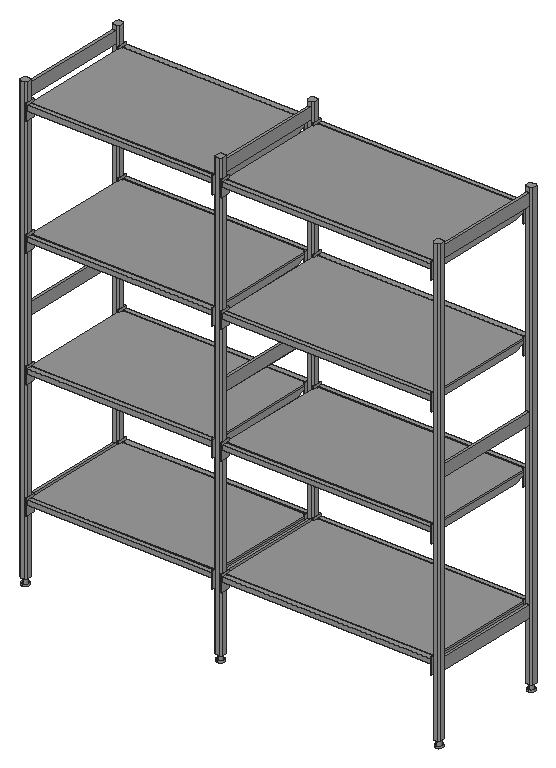
Revit family "QF_ELECTROLUXPROFESSIONAL_137039_BLS1606", category Attrezzature speciali, Revit 2020
Family settings
  Quota connettore circolare = Usa diametro
  Tipo di parte = Normale
  Basato su piano di lavoro = No
  Sempre verticale = Sì
  Taglio con vuoti quando caricato = No
  Condiviso = No
  Punto di calcolo locali = No
Parameters (values of type "Standard")
  Weight = 33.00 kg
  Watts = 0 W
  Volts = 0 V
  URL Manufacturer = "https://www.electroluxprofessional.com/"
  URL = "https://www.electroluxprofessional.com/"
  Steam Supply Size = 0 mm
  Steam Supply Minimum Pressure = 0.0 Pa
  Steam Supply Maximum Pressure = 0.0 Pa
  Steam Consumption per Hour = 0
  Refrigeration Suction Line Size = 0.0 mm
  Refrigeration Liquid Line Size = 0.0 mm
  Refrigerant Compressor Remote = yes
  Prospetto di default = 0.0 mm
  Phase = 0
  Modello = "BLS1606"
  Produttore = "Electrolux Professional"
  Length Actual = 1606.0 mm  # constant formula
  Item Number = "137039"
  Hot Water Size = 0 mm
  Height Actual = 1700.0 mm  # constant formula
  HP = "0 HP"
  Gas Size = 0 mm
  Gas KW = 0
  Gas Input Pressure = 0 W
  Direct Waste Size = 0 mm
  Descrizione = "ALUM.LINEAR SHELV.-POLY.TIERS-475X1606MM"
  Depth Actual = 475.0 mm  # constant formula
  Cycle = 0 Hz
  Condensate Return Size = 0 mm
  Compressed Air Volume = 0.0 L/s
  Compressed Air Size = 0 mm
  Compressed Air Pressure = 0.0 Pa
  Cold Water Size = 0 mm
  Accessory = yes
Reference planes
  plane 1: z = 0
  plane 2 "CenterLeft": x = -31
  plane 3 "LEFT": x = -417
  plane 4 "BACK": y = 23
  plane 5 "FRONT": y = -452
  plane 6 "TOP": z = 1700
  plane 7: x = -385
  plane 8: x = 323
  plane 9 "Center (Front/Back)": y = -214.5
  plane 10: y = -8.5
  plane 11: y = -420.5
  plane 12 "FEET": z = 25
  plane 13: z = 275
  plane 14: z = 725
  plane 15: z = 1175
  plane 16: z = 1625
  plane 17 "CXLeft": x = -403
  plane 18 "Center (Left/Right)": x = 341
  plane 19: y = 5.5
  plane 20 "CYBack": y = 5.5
  plane 21 "CYFront": y = -434.5
  plane 22 "RIGHT": x = 1189
  plane 23: x = 1157
  plane 24 "CXRight": x = 1175
  plane 25: x = 359
Forms (mm)
  Extrusion 1, solid, material "QF_Aluminum"
    sketch origin (-417, 0, -4.006) x (0, 1, 0) y (0, 0, 1)
      loop
        line (-12, 1637.003) -> (4, 1637.003) -> (4, 1655) -> (2.007, 1655) -> (2.007, 1648.501) -> (-431, 1648.501) -> (-431, 1655) -> (-433, 1655) -> (-433, 1637.003) -> (-417, 1637.003) -> (-383, 1625) -> (-46, 1625) -> (-12, 1637.003)
      loop
        line (-12, 1187.003) -> (4, 1187.003) -> (4, 1205) -> (2.007, 1205) -> (2.007, 1198.501) -> (-431, 1198.501) -> (-431, 1205) -> (-433, 1205) -> (-433, 1187.003) -> (-417, 1187.003) -> (-383, 1175) -> (-46, 1175) -> (-12, 1187.003)
      loop
        line (-12, 737.003) -> (4, 737.003) -> (4, 755) -> (2.007, 755) -> (2.007, 748.501) -> (-431, 748.501) -> (-431, 755) -> (-433, 755) -> (-433, 737.003) -> (-417, 737.003) -> (-383, 725) -> (-46, 725) -> (-12, 737.003)
      loop
        line (-12, 287.003) -> (4, 287.003) -> (4, 305) -> (2.007, 305) -> (2.007, 298.501) -> (-431, 298.501) -> (-431, 305) -> (-433, 305) -> (-433, 287.003) -> (-417, 287.003) -> (-383, 275) -> (-46, 275) -> (-12, 287.003)
    from 37 to 32
  Extrusion 2, solid, material "QF_Aluminum"
    sketch origin (-417, 0, 0) x (0, 1, 0) y (0, 0, 1)
      loop
        line (23, 246.005) -> (23, 307.993) -> (-12.993, 307.993) -> (-12.993, 246.005) -> (23, 246.005)
      loop
        line (-452, 246.005) -> (-416.007, 246.005) -> (-416.007, 307.993) -> (-452, 307.993) -> (-452, 246.005)
      loop
        line (23, 696.005) -> (23, 757.993) -> (-12.993, 757.993) -> (-12.993, 696.005) -> (23, 696.005)
      loop
        line (-452, 696.005) -> (-416.007, 696.005) -> (-416.007, 757.993) -> (-452, 757.993) -> (-452, 696.005)
      loop
        line (23, 1146.005) -> (23, 1207.993) -> (-12.993, 1207.993) -> (-12.993, 1146.005) -> (23, 1146.005)
      loop
        line (-452, 1146.005) -> (-416.007, 1146.005) -> (-416.007, 1207.993) -> (-452, 1207.993) -> (-452, 1146.005)
      loop
        line (23, 1596.005) -> (23, 1657.993) -> (-12.993, 1657.993) -> (-12.993, 1596.005) -> (23, 1596.005)
      loop
        line (-452, 1596.005) -> (-416.007, 1596.005) -> (-416.007, 1657.993) -> (-452, 1657.993) -> (-452, 1596.005)
    from 28 to 32
  Extrusion 3, solid, material "QF_Aluminum"
    sketch origin (-417, 0, 0) x (0, 1, 0) y (0, 0, 1)
      loop
        line (4, 1650.994) -> (4, 1632.998) -> (23, 1632.998) -> (23, 1650.994) -> (4, 1650.994)
      loop
        line (-433, 1650.994) -> (-452, 1650.994) -> (-452, 1632.998) -> (-433, 1632.998) -> (-433, 1650.994)
      loop
        line (4, 1200.994) -> (4, 1182.998) -> (23, 1182.998) -> (23, 1200.994) -> (4, 1200.994)
      loop
        line (-433, 1200.994) -> (-452, 1200.994) -> (-452, 1182.998) -> (-433, 1182.998) -> (-433, 1200.994)
      loop
        line (4, 750.994) -> (4, 732.998) -> (23, 732.998) -> (23, 750.994) -> (4, 750.994)
      loop
        line (-433, 750.994) -> (-452, 750.994) -> (-452, 732.998) -> (-433, 732.998) -> (-433, 750.994)
      loop
        line (4, 300.994) -> (4, 282.998) -> (23, 282.998) -> (23, 300.994) -> (4, 300.994)
      loop
        line (-433, 300.994) -> (-452, 300.994) -> (-452, 282.998) -> (-433, 282.998) -> (-433, 300.994)
    from 32 to 740
  Extrusion 4, solid, material "QF_Polyethylene"
    sketch origin (-417, 0, 0) x (0, 1, 0) y (0, 0, 1)
      loop
        line (2.007, 1650.994) -> (-431, 1650.994) -> (-431, 1644.496) -> (2.007, 1644.496) -> (2.007, 1650.994)
      loop
        line (2.007, 1200.994) -> (-431, 1200.994) -> (-431, 1194.496) -> (2.007, 1194.496) -> (2.007, 1200.994)
      loop
        line (2.007, 750.994) -> (-431, 750.994) -> (-431, 744.496) -> (2.007, 744.496) -> (2.007, 750.994)
      loop
        line (2.007, 300.994) -> (-431, 300.994) -> (-431, 294.496) -> (2.007, 294.496) -> (2.007, 300.994)
    from 32 to 740
  Extrusion 5, solid, material "QF_Aluminum"
    sketch origin (1189, 0, 0) x (0, 1, 0) y (0, 0, 1)
      loop
        line (4, 1650.994) -> (4, 1632.998) -> (23, 1632.998) -> (23, 1650.994) -> (4, 1650.994)
      loop
        line (-433, 1650.994) -> (-452, 1650.994) -> (-452, 1632.998) -> (-433, 1632.998) -> (-433, 1650.994)
      loop
        line (4, 1200.994) -> (4, 1182.998) -> (23, 1182.998) -> (23, 1200.994) -> (4, 1200.994)
      loop
        line (-433, 1200.994) -> (-452, 1200.994) -> (-452, 1182.998) -> (-433, 1182.998) -> (-433, 1200.994)
      loop
        line (4, 750.994) -> (4, 732.998) -> (23, 732.998) -> (23, 750.994) -> (4, 750.994)
      loop
        line (-433, 750.994) -> (-452, 750.994) -> (-452, 732.998) -> (-433, 732.998) -> (-433, 750.994)
      loop
        line (4, 300.994) -> (4, 282.998) -> (23, 282.998) -> (23, 300.994) -> (4, 300.994)
      loop
        line (-433, 300.994) -> (-452, 300.994) -> (-452, 282.998) -> (-433, 282.998) -> (-433, 300.994)
    from -32 to -830
  Extrusion 6, solid, material "QF_Polyethylene"
    sketch origin (1189, 0, 0) x (0, 1, 0) y (0, 0, 1)
      loop
        line (2.007, 1650.994) -> (-431, 1650.994) -> (-431, 1644.496) -> (2.007, 1644.496) -> (2.007, 1650.994)
      loop
        line (2.007, 1200.994) -> (-431, 1200.994) -> (-431, 1194.496) -> (2.007, 1194.496) -> (2.007, 1200.994)
      loop
        line (2.007, 750.994) -> (-431, 750.994) -> (-431, 744.496) -> (2.007, 744.496) -> (2.007, 750.994)
      loop
        line (2.007, 300.994) -> (-431, 300.994) -> (-431, 294.496) -> (2.007, 294.496) -> (2.007, 300.994)
    from -32 to -830
Lines and regions (mm)
  symbolic lines
    curve 1: line (323, 4, 1700) -> (-385, 4, 1700)
    curve 2: line (-408, -8.5, 1700) -> (-408, -420.5, 1700)
    curve 3: line (-398, -420.5, 1700) -> (-398, -8.5, 1700)
    curve 4: line (-389, 23, 1700) -> (327, 23, 1700)
    curve 5: line (-385, -452, 1700) -> (323, -452, 1700)
    curve 6: line (355, 23, 1700) -> (1161, 23, 1700)
    curve 7: line (355, -452, 1700) -> (1161, -452, 1700)
    curve 8: line (-385, -433, 1700) -> (323, -433, 1700)
    curve 9: line (359, -433, 1700) -> (1157, -433, 1700)
    curve 10: line (359, 4, 1700) -> (1157, 4, 1700)
    curve 11: line (1157, -12.993, 1700) -> (1157, -416.007, 1700)
    curve 12: line (323, -12.993, 1700) -> (323, -416.007, 1700)
    curve 13: line (359, -416.007, 1700) -> (359, -12.993, 1700)
    curve 14: line (-385, -12.993, 1700) -> (-385, -416.007, 1700)
Dimensions and locks
  plane 3 "LEFT" to plane 2 "CenterLeft" = 386.0 mm
  locked: plane 6 "TOP" to level at 1700
  locked: plane 4 "BACK" to plane 5 "FRONT" at 475
  locked: plane 7 to plane 8 at 708
  locked: plane 10 to plane 11 at 412
  equal spacing: plane 10, plane 9 "Center (Front/Back)", plane 11
  equal spacing: plane 4 "BACK", plane 9 "Center (Front/Back)", plane 5 "FRONT"
  plane 12 "FEET" to level = 25.0 mm
  plane 6 "TOP" to plane 12 "FEET" = 1675.0 mm
  plane 13 to plane 12 "FEET" = 250.0 mm
  plane 14 to plane 13 = 450.0 mm
  plane 15 to plane 14 = 450.0 mm
  plane 16 to plane 15 = 450.0 mm
  locked: plane 4 "BACK" to plane 20 "CYBack" at 17.5
  locked: plane 21 "CYFront" to plane 5 "FRONT" at 17.5
  locked: plane 4 "BACK" to Extrusion 1 at 19
  locked: Extrusion 1 to plane 5 "FRONT" at 19
  Extrusion 1 sketch curve to plane 21 "CYFront" = 3.5 mm
  plane 3 "LEFT" to plane 22 "RIGHT" = 1606.0 mm
  locked: plane 25 to plane 23 at 798
  locked: plane 8 to plane 18 "Center (Left/Right)" at 18
  locked: plane 18 "Center (Left/Right)" to plane 25 at 18
  locked: plane 3 "LEFT" to plane 7 at 32
  locked: plane 24 "CXRight" to plane 22 "RIGHT" at 14
  aligned and locked: level to plane 1
  aligned and locked: plane 7 to Extrusion 1
  aligned and locked: Extrusion 2 to plane 7
  aligned and locked: plane 7 to Extrusion 4
  aligned and locked: Extrusion 4 to plane 8
  aligned and locked: plane 7 to Extrusion 3
  aligned and locked: Extrusion 3 to plane 8
  aligned and locked: Extrusion 3 sketch curve to Extrusion 1
  aligned and locked: Extrusion 1 to Extrusion 3 sketch curve
  aligned and locked: Extrusion 3 sketch curve to Extrusion 3 sketch curve  (x2)
  aligned and locked: Extrusion 1 sketch curve to Extrusion 1 sketch curve  (x3)
  aligned and locked: Extrusion 4 sketch curve to Extrusion 1  (x4)
  aligned and locked: Extrusion 5 sketch curve to Extrusion 5 sketch curve  (x2)
  aligned and locked: Extrusion 5 to plane 25
  aligned and locked: Extrusion 6 to plane 25
  aligned and locked: nested 3 to plane 18 "Center (Left/Right)"
  aligned and locked: nested 1 to plane 17 "CXLeft"
  aligned and locked: Extrusion 3 to plane 7  (x3)
  aligned and locked: plane 8 to Extrusion 3  (x4)
  aligned and locked: plane 25 to Extrusion 5  (x4)
  aligned and locked: plane 25 to Extrusion 6  (x4)
  aligned and locked: plane 8 to Extrusion 4  (x4)
  aligned and locked: nested 2 to plane 24 "CXRight"
  aligned and locked: Extrusion 5 to plane 23
  aligned and locked: Extrusion 6 to plane 23
  aligned and locked: plane 23 to Extrusion 5  (x3)
  aligned and locked: plane 23 to Extrusion 6  (x3)
Automatic sketch dimensions
  plane 21 "CYFront" to Extrusion 1 sketch curve = 1.5 mm  (x4)
  plane 11 to Extrusion 1 sketch curve = 3.5 mm  (x4)
  Extrusion 1 sketch curve to plane 13 = 4.006 mm
  Extrusion 1 sketch curve to Extrusion 1 sketch curve = 34.0 mm  (x4)
  Extrusion 1 sketch curve to plane 14 = 4.006 mm
  Extrusion 1 sketch curve to plane 15 = 4.006 mm
  Extrusion 1 sketch curve to plane 16 = 4.006 mm
  Extrusion 1 sketch curve to plane 10 = 37.5 mm  (x4)
  Extrusion 1 sketch curve to plane 10 = 3.5 mm  (x4)
  plane 19 to Extrusion 1 sketch curve = 3.493 mm  (x4)
  plane 19 to Extrusion 1 sketch curve = 1.5 mm  (x4)
  plane 13 to Extrusion 1 sketch curve = 7.998 mm  (x2)
  Extrusion 1 sketch curve to Extrusion 1 sketch curve = 11.498 mm  (x4)
  Extrusion 1 sketch curve to Extrusion 1 sketch curve = 6.499 mm  (x8)
  plane 14 to Extrusion 1 sketch curve = 7.998 mm  (x2)
  plane 15 to Extrusion 1 sketch curve = 7.998 mm  (x2)
  plane 16 to Extrusion 1 sketch curve = 7.998 mm  (x2)
  Extrusion 2 sketch curve to plane 5 "FRONT" = 0.0 mm  (x4)
  Extrusion 2 sketch curve to plane 4 "BACK" = 0.0 mm  (x4)
  plane 11 to Extrusion 2 sketch curve = 4.493 mm  (x4)
  Extrusion 2 sketch curve to plane 10 = 4.493 mm  (x4)
  Extrusion 2 sketch curve to plane 13 = 28.995 mm  (x2)
  plane 13 to Extrusion 2 sketch curve = 32.993 mm  (x2)
  Extrusion 2 sketch curve to plane 14 = 28.995 mm  (x2)
  plane 14 to Extrusion 2 sketch curve = 32.993 mm  (x2)
  Extrusion 2 sketch curve to plane 15 = 28.995 mm  (x2)
  plane 15 to Extrusion 2 sketch curve = 32.993 mm  (x2)
  Extrusion 2 sketch curve to plane 16 = 28.995 mm  (x2)
  plane 16 to Extrusion 2 sketch curve = 32.993 mm  (x2)
  Extrusion 3 sketch curve to plane 5 "FRONT" = 0.0 mm  (x4)
  Extrusion 3 sketch curve to plane 4 "BACK" = 0.0 mm  (x4)
  plane 19 to Extrusion 3 sketch curve = 1.5 mm  (x4)
  plane 13 to Extrusion 3 sketch curve = 7.998 mm  (x2)
  Extrusion 3 sketch curve to Extrusion 3 sketch curve = 17.997 mm  (x8)
  plane 14 to Extrusion 3 sketch curve = 7.998 mm  (x2)
  plane 15 to Extrusion 3 sketch curve = 7.998 mm  (x2)
  plane 16 to Extrusion 3 sketch curve = 7.998 mm  (x2)
  plane 19 to Extrusion 4 sketch curve = 3.493 mm  (x4)
  plane 13 to Extrusion 4 sketch curve = 19.496 mm
  Extrusion 4 sketch curve to Extrusion 4 sketch curve = 6.499 mm  (x4)
  plane 14 to Extrusion 4 sketch curve = 19.496 mm
  plane 15 to Extrusion 4 sketch curve = 19.496 mm
  plane 16 to Extrusion 4 sketch curve = 19.496 mm
  Extrusion 5 sketch curve to plane 5 "FRONT" = 0.0 mm  (x4)
  Extrusion 5 sketch curve to plane 4 "BACK" = 0.0 mm  (x4)
  plane 21 "CYFront" to Extrusion 5 sketch curve = 1.5 mm  (x2)
  plane 19 to Extrusion 5 sketch curve = 1.5 mm  (x4)
  plane 13 to Extrusion 5 sketch curve = 7.998 mm  (x2)
  Extrusion 5 sketch curve to Extrusion 5 sketch curve = 17.997 mm  (x8)
  plane 14 to Extrusion 5 sketch curve = 7.998 mm  (x2)
  plane 15 to Extrusion 5 sketch curve = 7.998 mm  (x2)
  plane 16 to Extrusion 5 sketch curve = 7.998 mm  (x2)
  plane 21 "CYFront" to Extrusion 6 sketch curve = 3.5 mm  (x4)
  plane 19 to Extrusion 6 sketch curve = 3.493 mm  (x4)
  plane 13 to Extrusion 6 sketch curve = 19.496 mm
  Extrusion 6 sketch curve to Extrusion 6 sketch curve = 6.499 mm  (x4)
  plane 14 to Extrusion 6 sketch curve = 19.496 mm
  plane 15 to Extrusion 6 sketch curve = 19.496 mm
  plane 16 to Extrusion 6 sketch curve = 19.496 mm
  curve 7 to plane 5 "FRONT" = 0.0 mm
  curve 5 to plane 5 "FRONT" = 0.0 mm
  curve 8 to plane 8 = 0.0 mm
  curve 9 to plane 25 = 0.0 mm
  curve 9 to plane 23 = 0.0 mm
  curve 8 to plane 7 = 0.0 mm
  curve 2 to plane 11 = 0.0 mm
  curve 3 to plane 11 = 0.0 mm
  curve 14 to plane 7 = 0.0 mm
  curve 13 to plane 25 = 0.0 mm
  curve 12 to plane 8 = 0.0 mm
  curve 11 to plane 23 = 0.0 mm
  curve 3 to plane 10 = 0.0 mm
  curve 2 to plane 10 = 0.0 mm
  curve 1 to plane 8 = 0.0 mm
  curve 1 to plane 7 = 0.0 mm
  curve 10 to plane 23 = 0.0 mm
  curve 10 to plane 25 = 0.0 mm
  curve 4 to plane 4 "BACK" = 0.0 mm
  curve 6 to plane 4 "BACK" = 0.0 mm
  curve 5 to plane 8 = 0.0 mm
  curve 5 to plane 7 = 0.0 mm
  plane 21 "CYFront" to curve 8 = 1.5 mm
  plane 21 "CYFront" to curve 9 = 1.5 mm
  plane 11 to curve 14 = 4.493 mm
  plane 11 to curve 13 = 4.493 mm
  plane 11 to curve 12 = 4.493 mm
  plane 11 to curve 11 = 4.493 mm
  curve 14 to plane 10 = 4.493 mm
  curve 13 to plane 10 = 4.493 mm
  curve 12 to plane 10 = 4.493 mm
  curve 11 to plane 10 = 4.493 mm
  plane 19 to curve 1 = 1.5 mm
  plane 19 to curve 10 = 1.5 mm
  curve 6 to plane 23 = 4.0 mm
  curve 7 to plane 23 = 4.0 mm
  curve 6 to plane 25 = 4.0 mm
  curve 7 to plane 25 = 4.0 mm
  curve 4 to plane 8 = 4.0 mm
  plane 7 to curve 4 = 4.0 mm
  plane 17 "CXLeft" to curve 3 = 5.0 mm
  curve 2 to plane 17 "CXLeft" = 5.0 mm
Nested families
  nested 1: "WT_Anta475" at (0, 0, 0), type "WT_Anta475"
  nested 2: "WT_Anta475" at (772, 0, 0) x (-1, 0, 0) z (0, 0, 1), type "WT_Anta475"
  nested 3: "WT_Anta475Center" at (744, 0, 0), type "WT_Anta475Center"
Definition of nested family "WT_Anta475"
  Parameters
    WidthLeft = A + 64.0 mm  # 772.0 mm
    Width = 1606.0 mm
    Right = WidthLeft / 2  # 386.0 mm
    Default Elevation = 0.0 mm
    Left = -WidthLeft / 2  # -386.0 mm
    Height = 1725.0 mm
    FEET = 25.0 mm
    E = 0.0 mm
    Dint = Depth - 63.0 mm  # 412.0 mm
    Dext = Depth - 8.0 mm  # 467.0 mm
    Depth = 475.0 mm
    DX = (WidthLeft - A) / 2  # 32.0 mm
    B = 798.0 mm
    A = 708.0 mm
  Reference planes
    plane 1: z = 0
    plane 2 "LEFT": x = -417
    plane 3 "BACK": y = 23
    plane 4 "FRONT": y = -452
    plane 5 "TOP": z = 1725
    plane 6 "Center (Front/Back)": y = -214.5
    plane 7: y = -8.5
    plane 8: y = -420.5
    plane 9 "FEET": z = 25
    plane 10: z = 275
    plane 11: z = 725
    plane 12: z = 1175
    plane 13: z = 1625
    plane 14 "CXLeft": x = -403
    plane 15: y = 5.5
    plane 16 "CYBack": y = 5.5
    plane 17 "CYFront": y = -434.5
    plane 18: x = -385.031
    plane 19: x = -380.031
  Forms (mm)
    Extrusion 1, solid
      sketch origin (0, 0, 0) x (1, 0, 0) y (0, 1, 0)
        loop
          line (-417, 13.246) -> (-417, -2.246) -> (-410.746, -8.5) -> (-395.254, -8.5) -> (-389, -2.246) -> (-389, 13.246) -> (-395.254, 19.5) -> (-410.746, 19.5) -> (-417, 13.246)
      from 1725 to 25
    Extrusion 2, solid
      sketch origin (-417, 0, 0) x (0, 1, 0) y (0, 0, 1)
        loop
          line (23, 246.005) -> (23, 307.993) -> (-12.993, 307.993) -> (-12.993, 246.005) -> (23, 246.005)
        loop
          line (-452, 246.005) -> (-416.007, 246.005) -> (-416.007, 307.993) -> (-452, 307.993) -> (-452, 246.005)
        loop
          line (23, 696.005) -> (23, 757.993) -> (-12.993, 757.993) -> (-12.993, 696.005) -> (23, 696.005)
        loop
          line (-452, 696.005) -> (-416.007, 696.005) -> (-416.007, 757.993) -> (-452, 757.993) -> (-452, 696.005)
        loop
          line (23, 1146.005) -> (23, 1207.993) -> (-12.993, 1207.993) -> (-12.993, 1146.005) -> (23, 1146.005)
        loop
          line (-452, 1146.005) -> (-416.007, 1146.005) -> (-416.007, 1207.993) -> (-452, 1207.993) -> (-452, 1146.005)
        loop
          line (23, 1596.005) -> (23, 1657.993) -> (-12.993, 1657.993) -> (-12.993, 1596.005) -> (23, 1596.005)
        loop
          line (-452, 1596.005) -> (-416.007, 1596.005) -> (-416.007, 1657.993) -> (-452, 1657.993) -> (-452, 1596.005)
      from 28 to 32
    Revolve 3, solid
      sketch origin (-403, 0, 0) x (0, 1, 0) y (0, 0, 1)
        loop
          line (5.5, 25) -> (5.5, 0) -> (19, 0) -> (19, 5) -> (14, 5) -> (14, 25) -> (5.5, 25)
        axis (5.5, 25) -> (5.5, 0)
      angle from 0 to 360
    Extrusion 4, solid
      sketch origin (-403, 0, 0) x (0, 1, 0) y (0, 0, 1)
        loop
          line (-8.5, 912.382) -> (-8.5, 957.374) -> (-420.5, 957.374) -> (-420.5, 912.382) -> (-8.5, 912.382)
        loop
          line (-8.5, 1662.244) -> (-8.5, 1707.236) -> (-420.5, 1707.236) -> (-420.5, 1662.244) -> (-8.5, 1662.244)
      from -5 to 5
    Revolve 5, solid
      sketch origin (-403, -627, 0) x (0, -1, 0) y (0, 0, 1)
        loop
          line (-192.5, 25) -> (-192.5, 0) -> (-179, 0) -> (-179, 5) -> (-184, 5) -> (-184, 25) -> (-192.5, 25)
        axis (-192.5, 25) -> (-192.5, 0)
      angle from 0 to 360
    Extrusion 6, solid
      sketch origin (0, -627, 0) x (1, 0, 0) y (0, 1, 0)
        loop
          line (-417, 184.754) -> (-410.746, 178.5) -> (-395.254, 178.5) -> (-389, 184.754) -> (-389, 200.246) -> (-395.254, 206.5) -> (-410.746, 206.5) -> (-417, 200.246) -> (-417, 184.754)
      from 1725 to 25
    Extrusion 7, solid
      sketch origin (-417.031, -0.022, 0) x (0, 1, 0) y (0, 0, -1)
        loop
          line (-12, -1632.998) -> (-46, -1620.994) -> (-383, -1620.994) -> (-417, -1632.998) -> (-433, -1632.998) -> (-433, -1650.994) -> (-431, -1650.994) -> (-431, -1644.496) -> (2.007, -1644.496) -> (2.007, -1650.994) -> (4, -1650.994) -> (4, -1632.998) -> (-12, -1632.998)
        loop
          line (-12, -1182.998) -> (-46, -1170.994) -> (-383, -1170.994) -> (-417, -1182.998) -> (-433, -1182.998) -> (-433, -1200.994) -> (-431, -1200.994) -> (-431, -1194.496) -> (2.007, -1194.496) -> (2.007, -1200.994) -> (4, -1200.994) -> (4, -1182.998) -> (-12, -1182.998)
        loop
          line (-12, -732.998) -> (-46, -720.994) -> (-383, -720.994) -> (-417, -732.998) -> (-433, -732.998) -> (-433, -750.994) -> (-431, -750.994) -> (-431, -744.496) -> (2.007, -744.496) -> (2.007, -750.994) -> (4, -750.994) -> (4, -732.998) -> (-12, -732.998)
        loop
          line (-12, -282.998) -> (-46, -270.994) -> (-383, -270.994) -> (-417, -282.998) -> (-433, -282.998) -> (-433, -300.994) -> (-431, -300.994) -> (-431, -294.496) -> (2.007, -294.496) -> (2.007, -300.994) -> (4, -300.994) -> (4, -282.998) -> (-12, -282.998)
      from -32 to -37
    Extrusion 8, solid
      sketch origin (-403, 0, -659.878) x (0, 1, 0) y (0, 0, 1)
        loop
          line (-8.5, 912.382) -> (-8.5, 957.374) -> (-420.5, 957.374) -> (-420.5, 912.382) -> (-8.5, 912.382)
        loop
          line (-8.5, 1572.382) -> (-8.5, 1617.374) -> (-420.5, 1617.374) -> (-420.5, 1572.382) -> (-8.5, 1572.382)
        loop
          line (-8.5, 2322.382) -> (-8.5, 2367.374) -> (-420.5, 2367.374) -> (-420.5, 2322.382) -> (-8.5, 2322.382)
      from -5 to 5
  Lines and regions (mm)
    symbolic lines
      curve 1: line (-408, -8.5, 1725) -> (-408, -420.5, 1725)
      curve 2: line (-398, -420.5, 1725) -> (-398, -8.5, 1725)
      curve 3: line (-395.254, -8.5, 1725) -> (-410.746, -8.5, 1725)
      curve 4: line (-417, -2.246, 1725) -> (-410.746, -8.5, 1725)
      curve 5: line (-417, 13.246, 1725) -> (-417, -2.246, 1725)
      curve 6: line (-410.746, 19.5, 1725) -> (-417, 13.246, 1725)
      curve 7: line (-395.254, 19.5, 1725) -> (-410.746, 19.5, 1725)
      curve 8: line (-389, 13.246, 1725) -> (-395.254, 19.5, 1725)
      curve 9: line (-395.254, -8.5, 1725) -> (-389, -2.246, 1725)
      curve 10: line (-395.254, -420.5, 1725) -> (-410.746, -420.5, 1725)
      curve 11: line (-417, -426.754, 1725) -> (-410.746, -420.5, 1725)
      curve 12: line (-410.746, -448.5, 1725) -> (-417, -442.246, 1725)
      curve 13: line (-395.254, -448.5, 1725) -> (-410.746, -448.5, 1725)
      curve 14: line (-389, -442.246, 1725) -> (-395.254, -448.5, 1725)
      curve 15: line (-395.254, -420.5, 1725) -> (-389, -426.754, 1725)
      curve 16: line (-389, -452, 1725) -> (-389, -416.007, 1725)
      curve 17: line (-389, -416.007, 1725) -> (-385, -416.007, 1725)
      curve 18: line (-389, 23, 1725) -> (-389, -12.993, 1725)
      curve 19: line (-389, -12.993, 1725) -> (-385, -12.993, 1725)
      curve 20: line (-417, -426.754, 1725) -> (-417, -442.246, 1725)
      curve 21: line (-385, -452, 1725) -> (-385, -416.007, 1725)
      curve 22: line (-385, -452, 1725) -> (-389, -452, 1725)
      curve 23: line (-385, 23, 1725) -> (-389, 23, 1725)
      curve 24: line (-385, -12.993, 1725) -> (-385, 23, 1725)
      curve 25: line (-385.031, -13.016, 1725) -> (-385.031, -416.029, 1725)
  Dimensions and locks
    "Height": plane 5 "TOP" to level
    "Depth": plane 3 "BACK" to plane 4 "FRONT"
    "Dint": plane 7 to plane 8
    equal spacing: plane 7, plane 6 "Center (Front/Back)", plane 8
    equal spacing: plane 3 "BACK", plane 6 "Center (Front/Back)", plane 4 "FRONT"
    plane 9 "FEET" to level = 25.0 mm
    plane 5 "TOP" to plane 9 "FEET" = 1700.0 mm
    plane 10 to plane 9 "FEET" = 250.0 mm
    plane 11 to plane 10 = 450.0 mm
    plane 12 to plane 11 = 450.0 mm
    plane 13 to plane 12 = 450.0 mm
    locked: plane 2 "LEFT" to plane 14 "CXLeft" at 14
    locked: plane 3 "BACK" to plane 16 "CYBack" at 17.5
    locked: plane 17 "CYFront" to plane 4 "FRONT" at 17.5
    locked: Revolve 3 sketch curve to Revolve 3 sketch curve at 8.5
    locked: Revolve 3 sketch curve to plane 16 "CYBack" at 13.5
    locked: Revolve 5 sketch curve to Revolve 5 sketch curve at 8.5
    aligned and locked: level to plane 1
    aligned and locked: curve 20 to Extrusion 6
    aligned and locked: plane 5 "TOP" to Extrusion 1
    aligned and locked: plane 5 "TOP" to Extrusion 6
    aligned and locked: Extrusion 7 sketch curve to Extrusion 7 sketch curve  (x3)
  Automatic sketch dimensions
    curve 16 to plane 4 "FRONT" = 0.0 mm
    curve 11 to plane 8 = 0.0 mm
    curve 9 to plane 7 = 0.0 mm
    curve 5 to plane 2 "LEFT" = 0.0 mm
    curve 23 to plane 3 "BACK" = 0.0 mm
    plane 4 "FRONT" to curve 13 = 3.5 mm
    curve 20 to plane 17 "CYFront" = 7.746 mm
    curve 20 to plane 8 = 6.254 mm
    plane 8 to curve 16 = 4.493 mm
    curve 24 to plane 18 = 0.031 mm
    curve 24 to plane 7 = 4.493 mm
    plane 7 to curve 5 = 6.254 mm
    curve 5 to plane 15 = 7.746 mm
    curve 6 to plane 3 "BACK" = 3.5 mm
    curve 21 to plane 18 = 0.031 mm
    plane 18 to curve 23 = 3.969 mm
    plane 18 to curve 16 = 3.969 mm
    curve 18 to curve 8 = 6.254 mm
    curve 18 to curve 3 = 6.254 mm
    curve 16 to curve 13 = 6.254 mm
    curve 16 to curve 15 = 6.254 mm
    plane 2 "LEFT" to curve 10 = 6.254 mm
    plane 2 "LEFT" to curve 7 = 6.254 mm
    plane 2 "LEFT" to curve 12 = 6.254 mm
    plane 2 "LEFT" to curve 3 = 6.254 mm
    curve 14 to plane 17 "CYFront" = 7.746 mm
    curve 15 to plane 8 = 6.254 mm
    plane 7 to curve 9 = 6.254 mm
    curve 8 to plane 15 = 7.746 mm
    curve 3 to curve 2 = 2.746 mm
    curve 1 to curve 10 = 2.746 mm
    Extrusion 1 sketch curve to plane 2 "LEFT" = 0.0 mm
    Extrusion 1 sketch curve to plane 7 = 0.0 mm
    plane 2 "LEFT" to Extrusion 1 sketch curve = 6.254 mm  (x2)
    plane 14 "CXLeft" to Extrusion 1 sketch curve = 7.746 mm  (x2)
    Extrusion 1 sketch curve to plane 3 "BACK" = 3.5 mm
    plane 18 to Extrusion 1 sketch curve = 3.969 mm
    plane 7 to Extrusion 1 sketch curve = 6.254 mm  (x2)
    Extrusion 1 sketch curve to plane 15 = 7.746 mm  (x2)
    Extrusion 2 sketch curve to plane 4 "FRONT" = 0.0 mm  (x4)
    Extrusion 2 sketch curve to plane 3 "BACK" = 0.0 mm  (x4)
    plane 8 to Extrusion 2 sketch curve = 4.493 mm  (x4)
    Extrusion 2 sketch curve to plane 7 = 4.493 mm  (x4)
    Extrusion 2 sketch curve to plane 10 = 28.995 mm  (x2)
    plane 10 to Extrusion 2 sketch curve = 32.993 mm  (x2)
    Extrusion 2 sketch curve to plane 11 = 28.995 mm  (x2)
    plane 11 to Extrusion 2 sketch curve = 32.993 mm  (x2)
    Extrusion 2 sketch curve to plane 12 = 28.995 mm  (x2)
    plane 12 to Extrusion 2 sketch curve = 32.993 mm  (x2)
    Extrusion 2 sketch curve to plane 13 = 28.995 mm  (x2)
    plane 13 to Extrusion 2 sketch curve = 32.993 mm  (x2)
    Revolve 3 sketch curve to plane 9 "FEET" = 0.0 mm  (x2)
    Revolve 3 sketch curve to plane 15 = 0.0 mm  (x2)
    Revolve 3 sketch curve to level = 0.0 mm
    level to Revolve 3 sketch curve = 5.0 mm
    Revolve 3 sketch curve to Revolve 3 sketch curve = 11.655 mm
    Extrusion 4 sketch curve to plane 8 = 0.0 mm  (x2)
    Extrusion 4 sketch curve to plane 7 = 0.0 mm  (x2)
    plane 11 to Extrusion 4 sketch curve = 187.382 mm
    Extrusion 4 sketch curve to Extrusion 4 sketch curve = 44.992 mm
    plane 13 to Extrusion 4 sketch curve = 37.244 mm
    Extrusion 4 sketch curve to plane 5 "TOP" = 17.764 mm
    Revolve 5 sketch curve to plane 9 "FEET" = 0.0 mm  (x2)
    Revolve 5 sketch curve to plane 17 "CYFront" = 0.0 mm  (x2)
    Revolve 5 sketch curve to level = 0.0 mm
    Revolve 5 sketch curve to plane 4 "FRONT" = 4.0 mm
    Revolve 5 sketch curve to Revolve 5 sketch curve = 5.0 mm
    level to Revolve 5 sketch curve = 11.655 mm
    Extrusion 6 sketch curve to plane 2 "LEFT" = 0.0 mm
    Extrusion 6 sketch curve to plane 8 = 0.0 mm
    Extrusion 6 sketch curve to plane 2 "LEFT" = 6.254 mm  (x2)
    Extrusion 6 sketch curve to plane 14 "CXLeft" = 7.746 mm  (x2)
    Extrusion 6 sketch curve to plane 4 "FRONT" = 3.5 mm
    Extrusion 6 sketch curve to plane 18 = 3.969 mm
    plane 8 to Extrusion 6 sketch curve = 6.254 mm  (x2)
    plane 17 "CYFront" to Extrusion 6 sketch curve = 7.746 mm  (x2)
    plane 17 "CYFront" to Extrusion 7 sketch curve = 1.478 mm  (x4)
    Extrusion 7 sketch curve to Extrusion 7 sketch curve = 2.0 mm
    plane 8 to Extrusion 7 sketch curve = 3.478 mm  (x4)
    Extrusion 7 sketch curve to plane 10 = 4.006 mm
    Extrusion 7 sketch curve to Extrusion 7 sketch curve = 34.0 mm  (x4)
    Extrusion 7 sketch curve to plane 11 = 4.006 mm
    Extrusion 7 sketch curve to plane 12 = 4.006 mm
    Extrusion 7 sketch curve to plane 13 = 4.006 mm
    Extrusion 7 sketch curve to plane 7 = 37.522 mm  (x4)
    Extrusion 7 sketch curve to plane 7 = 3.522 mm  (x4)
    plane 15 to Extrusion 7 sketch curve = 3.516 mm  (x4)
    plane 15 to Extrusion 7 sketch curve = 1.522 mm  (x4)
    plane 13 to Extrusion 7 sketch curve = 7.998 mm  (x2)
    Extrusion 7 sketch curve to Extrusion 7 sketch curve = 11.498 mm
    Extrusion 7 sketch curve to Extrusion 7 sketch curve = 6.499 mm  (x5)
    plane 12 to Extrusion 7 sketch curve = 25.994 mm  (x2)
    plane 12 to Extrusion 7 sketch curve = 7.998 mm  (x2)
    plane 11 to Extrusion 7 sketch curve = 25.994 mm  (x2)
    plane 11 to Extrusion 7 sketch curve = 7.998 mm  (x2)
    plane 10 to Extrusion 7 sketch curve = 25.994 mm  (x2)
    plane 10 to Extrusion 7 sketch curve = 7.998 mm  (x2)
    curve 25 to plane 18 = 0.0 mm
    plane 8 to curve 25 = 4.471 mm
    curve 25 to plane 7 = 4.516 mm
    Extrusion 8 sketch curve to plane 8 = 0.0 mm  (x3)
    Extrusion 8 sketch curve to plane 7 = 0.0 mm  (x3)
    Extrusion 8 sketch curve to plane 10 = 22.496 mm
    plane 10 to Extrusion 8 sketch curve = 22.496 mm
    plane 11 to Extrusion 8 sketch curve = 187.504 mm
    Extrusion 8 sketch curve to Extrusion 8 sketch curve = 44.992 mm
    plane 13 to Extrusion 8 sketch curve = 37.504 mm
    Extrusion 8 sketch curve to plane 5 "TOP" = 17.504 mm
Definition of nested family "WT_Anta475Center"
  Parameters
    WidthLeft = A + 64.0 mm  # 772.0 mm
    Width = 1606.0 mm
    Right = WidthLeft / 2  # 386.0 mm
    Default Elevation = 0.0 mm
    Left = -WidthLeft / 2  # -386.0 mm
    Height = 1725.0 mm
    FEET = 25.0 mm
    E = 0.0 mm
    Dint = Depth - 63.0 mm  # 412.0 mm
    Dext = Depth - 8.0 mm  # 467.0 mm
    Depth = 475.0 mm
    DX = (WidthLeft - A) / 2  # 32.0 mm
    B = 798.0 mm
    A = 708.0 mm
  Reference planes
    plane 1: z = 0
    plane 2 "L": x = -417
    plane 3 "BACK": y = 23
    plane 4 "FRONT": y = -452
    plane 5 "TOP": z = 1725
    plane 6 "Center (Front/Back)": y = -214.5
    plane 7: y = -8.5
    plane 8: y = -420.5
    plane 9 "FEET": z = 25
    plane 10: z = 275
    plane 11: z = 725
    plane 12: z = 1175
    plane 13: z = 1625
    plane 14 "CXLeft": x = -403
    plane 15: y = 5.5
    plane 16 "CYBack": y = 5.5
    plane 17 "CYFront": y = -434.5
    plane 18: x = -385.031
    plane 19 "RIGHT": x = -380.031
    plane 20: x = -420.969
    plane 21 "LEFT": x = -425.969
  Forms (mm)
    Extrusion 1, solid
      sketch origin (0, 0, 0) x (1, 0, 0) y (0, 1, 0)
        loop
          line (-417, 13.246) -> (-417, -2.246) -> (-410.746, -8.5) -> (-395.254, -8.5) -> (-389, -2.246) -> (-389, 13.246) -> (-395.254, 19.5) -> (-410.746, 19.5) -> (-417, 13.246)
      from 1725 to 25
    Extrusion 2, solid
      sketch origin (-417, 0, 0) x (0, 1, 0) y (0, 0, 1)
        loop
          line (23, 246.005) -> (23, 307.993) -> (-12.993, 307.993) -> (-12.993, 246.005) -> (23, 246.005)
        loop
          line (-452, 246.005) -> (-416.007, 246.005) -> (-416.007, 307.993) -> (-452, 307.993) -> (-452, 246.005)
        loop
          line (23, 696.005) -> (23, 757.993) -> (-12.993, 757.993) -> (-12.993, 696.005) -> (23, 696.005)
        loop
          line (-452, 696.005) -> (-416.007, 696.005) -> (-416.007, 757.993) -> (-452, 757.993) -> (-452, 696.005)
        loop
          line (23, 1146.005) -> (23, 1207.993) -> (-12.993, 1207.993) -> (-12.993, 1146.005) -> (23, 1146.005)
        loop
          line (-452, 1146.005) -> (-416.007, 1146.005) -> (-416.007, 1207.993) -> (-452, 1207.993) -> (-452, 1146.005)
        loop
          line (23, 1596.005) -> (23, 1657.993) -> (-12.993, 1657.993) -> (-12.993, 1596.005) -> (23, 1596.005)
        loop
          line (-452, 1596.005) -> (-416.007, 1596.005) -> (-416.007, 1657.993) -> (-452, 1657.993) -> (-452, 1596.005)
      from 28 to 32
    Revolve 3, solid
      sketch origin (-403, 0, 0) x (0, 1, 0) y (0, 0, 1)
        loop
          line (5.5, 25) -> (5.5, 0) -> (19, 0) -> (19, 5) -> (14, 5) -> (14, 25) -> (5.5, 25)
        axis (5.5, 25) -> (5.5, 0)
      angle from 0 to 360
    Extrusion 4, solid
      sketch origin (-403, 0, 0) x (0, 1, 0) y (0, 0, 1)
        loop
          line (-8.5, 912.382) -> (-8.5, 957.374) -> (-420.5, 957.374) -> (-420.5, 912.382) -> (-8.5, 912.382)
        loop
          line (-8.5, 1662.244) -> (-8.5, 1707.236) -> (-420.5, 1707.236) -> (-420.5, 1662.244) -> (-8.5, 1662.244)
      from -5 to 5
    Revolve 5, solid
      sketch origin (-403, -627, 0) x (0, -1, 0) y (0, 0, 1)
        loop
          line (-192.5, 25) -> (-192.5, 0) -> (-179, 0) -> (-179, 5) -> (-184, 5) -> (-184, 25) -> (-192.5, 25)
        axis (-192.5, 25) -> (-192.5, 0)
      angle from 0 to 360
    Extrusion 6, solid
      sketch origin (0, -627, 0) x (1, 0, 0) y (0, 1, 0)
        loop
          line (-417, 184.754) -> (-410.746, 178.5) -> (-395.254, 178.5) -> (-389, 184.754) -> (-389, 200.246) -> (-395.254, 206.5) -> (-410.746, 206.5) -> (-417, 200.246) -> (-417, 184.754)
      from 1725 to 25
    Extrusion 7, solid
      sketch origin (-417.031, -0.022, 0) x (0, 1, 0) y (0, 0, -1)
        loop
          line (-12, -1632.998) -> (-46, -1620.994) -> (-383, -1620.994) -> (-417, -1632.998) -> (-433, -1632.998) -> (-433, -1650.994) -> (-431, -1650.994) -> (-431, -1644.496) -> (2.007, -1644.496) -> (2.007, -1650.994) -> (4, -1650.994) -> (4, -1632.998) -> (-12, -1632.998)
        loop
          line (-12, -1182.998) -> (-46, -1170.994) -> (-383, -1170.994) -> (-417, -1182.998) -> (-433, -1182.998) -> (-433, -1200.994) -> (-431, -1200.994) -> (-431, -1194.496) -> (2.007, -1194.496) -> (2.007, -1200.994) -> (4, -1200.994) -> (4, -1182.998) -> (-12, -1182.998)
        loop
          line (-12, -732.998) -> (-46, -720.994) -> (-383, -720.994) -> (-417, -732.998) -> (-433, -732.998) -> (-433, -750.994) -> (-431, -750.994) -> (-431, -744.496) -> (2.007, -744.496) -> (2.007, -750.994) -> (4, -750.994) -> (4, -732.998) -> (-12, -732.998)
        loop
          line (-12, -282.998) -> (-46, -270.994) -> (-383, -270.994) -> (-417, -282.998) -> (-433, -282.998) -> (-433, -300.994) -> (-431, -300.994) -> (-431, -294.496) -> (2.007, -294.496) -> (2.007, -300.994) -> (4, -300.994) -> (4, -282.998) -> (-12, -282.998)
      from -32 to -37
    Extrusion 8, solid
      sketch origin (-403, 0, -659.878) x (0, 1, 0) y (0, 0, 1)
        loop
          line (-8.5, 912.382) -> (-8.5, 957.374) -> (-420.5, 957.374) -> (-420.5, 912.382) -> (-8.5, 912.382)
        loop
          line (-8.5, 1572.382) -> (-8.5, 1617.374) -> (-420.5, 1617.374) -> (-420.5, 1572.382) -> (-8.5, 1572.382)
        loop
          line (-8.5, 2322.382) -> (-8.5, 2367.374) -> (-420.5, 2367.374) -> (-420.5, 2322.382) -> (-8.5, 2322.382)
      from -5 to 5
    Extrusion 9, solid
      sketch origin (-389, 0, 0) x (0, 1, 0) y (0, 0, -1)
        loop
          line (23, -246.005) -> (-12.993, -246.005) -> (-12.993, -307.993) -> (23, -307.993) -> (23, -246.005)
        loop
          line (-452, -246.005) -> (-452, -307.993) -> (-416.007, -307.993) -> (-416.007, -246.005) -> (-452, -246.005)
        loop
          line (23, -696.005) -> (-12.993, -696.005) -> (-12.993, -757.993) -> (23, -757.993) -> (23, -696.005)
        loop
          line (-452, -696.005) -> (-452, -757.993) -> (-416.007, -757.993) -> (-416.007, -696.005) -> (-452, -696.005)
        loop
          line (23, -1146.005) -> (-12.993, -1146.005) -> (-12.993, -1207.993) -> (23, -1207.993) -> (23, -1146.005)
        loop
          line (-452, -1146.005) -> (-452, -1207.993) -> (-416.007, -1207.993) -> (-416.007, -1146.005) -> (-452, -1146.005)
        loop
          line (23, -1596.005) -> (-12.993, -1596.005) -> (-12.993, -1657.993) -> (23, -1657.993) -> (23, -1596.005)
        loop
          line (-452, -1596.005) -> (-452, -1657.993) -> (-416.007, -1657.993) -> (-416.007, -1596.005) -> (-452, -1596.005)
      from 28 to 32
    Extrusion 10, solid
      sketch origin (-388.969, -0.022, 0) x (0, 1, 0) y (0, 0, 1)
        loop
          line (-12, 1632.998) -> (4, 1632.998) -> (4, 1650.994) -> (2.007, 1650.994) -> (2.007, 1644.496) -> (-431, 1644.496) -> (-431, 1650.994) -> (-433, 1650.994) -> (-433, 1632.998) -> (-417, 1632.998) -> (-383, 1620.994) -> (-46, 1620.994) -> (-12, 1632.998)
        loop
          line (-12, 1182.998) -> (4, 1182.998) -> (4, 1200.994) -> (2.007, 1200.994) -> (2.007, 1194.496) -> (-431, 1194.496) -> (-431, 1200.994) -> (-433, 1200.994) -> (-433, 1182.998) -> (-417, 1182.998) -> (-383, 1170.994) -> (-46, 1170.994) -> (-12, 1182.998)
        loop
          line (-12, 732.998) -> (4, 732.998) -> (4, 750.994) -> (2.007, 750.994) -> (2.007, 744.496) -> (-431, 744.496) -> (-431, 750.994) -> (-433, 750.994) -> (-433, 732.998) -> (-417, 732.998) -> (-383, 720.994) -> (-46, 720.994) -> (-12, 732.998)
        loop
          line (-12, 282.998) -> (4, 282.998) -> (4, 300.994) -> (2.007, 300.994) -> (2.007, 294.496) -> (-431, 294.496) -> (-431, 300.994) -> (-433, 300.994) -> (-433, 282.998) -> (-417, 282.998) -> (-383, 270.994) -> (-46, 270.994) -> (-12, 282.998)
      from -32 to -37
  Lines and regions (mm)
    symbolic lines
      curve 1: line (-408, -8.5, 1725) -> (-408, -420.5, 1725)
      curve 2: line (-398, -420.5, 1725) -> (-398, -8.5, 1725)
      curve 3: line (-395.254, -8.5, 1725) -> (-410.746, -8.5, 1725)
      curve 4: line (-417, -2.246, 1725) -> (-410.746, -8.5, 1725)
      curve 5: line (-410.746, 19.5, 1725) -> (-417, 13.246, 1725)
      curve 6: line (-395.254, 19.5, 1725) -> (-410.746, 19.5, 1725)
      curve 7: line (-389, 13.246, 1725) -> (-395.254, 19.5, 1725)
      curve 8: line (-395.254, -8.5, 1725) -> (-389, -2.246, 1725)
      curve 9: line (-395.254, -420.5, 1725) -> (-410.746, -420.5, 1725)
      curve 10: line (-417, -426.754, 1725) -> (-410.746, -420.5, 1725)
      curve 11: line (-410.746, -448.5, 1725) -> (-417, -442.246, 1725)
      curve 12: line (-395.254, -448.5, 1725) -> (-410.746, -448.5, 1725)
      curve 13: line (-389, -442.246, 1725) -> (-395.254, -448.5, 1725)
      curve 14: line (-395.254, -420.5, 1725) -> (-389, -426.754, 1725)
      curve 15: line (-389, -452, 1725) -> (-389, -416.007, 1725)
      curve 16: line (-389, -416.007, 1725) -> (-385, -416.007, 1725)
      curve 17: line (-389, 23, 1725) -> (-389, -12.993, 1725)
      curve 18: line (-389, -12.993, 1725) -> (-385, -12.993, 1725)
      curve 19: line (-385, -452, 1725) -> (-385, -416.007, 1725)
      curve 20: line (-385, -452, 1725) -> (-389, -452, 1725)
      curve 21: line (-385, 23, 1725) -> (-389, 23, 1725)
      curve 22: line (-385, -12.993, 1725) -> (-385, 23, 1725)
      curve 23: line (-385.031, -13.016, 1725) -> (-385.031, -416.029, 1725)
      curve 24: line (-417, -452, 1725) -> (-417, -416.007, 1725)
      curve 25: line (-417, -416.007, 1725) -> (-421, -416.007, 1725)
      curve 26: line (-417, 23, 1725) -> (-417, -12.993, 1725)
      curve 27: line (-417, -12.993, 1725) -> (-421, -12.993, 1725)
      curve 28: line (-421, -452, 1725) -> (-421, -416.007, 1725)
      curve 29: line (-421, -452, 1725) -> (-417, -452, 1725)
      curve 30: line (-421, 23, 1725) -> (-417, 23, 1725)
      curve 31: line (-421, -12.993, 1725) -> (-421, 23, 1725)
      curve 32: line (-420.969, -13.016, 1725) -> (-420.969, -416.029, 1725)
  Dimensions and locks
    "Height": plane 5 "TOP" to level
    "Depth": plane 3 "BACK" to plane 4 "FRONT"
    "Dint": plane 7 to plane 8
    equal spacing: plane 7, plane 6 "Center (Front/Back)", plane 8
    equal spacing: plane 3 "BACK", plane 6 "Center (Front/Back)", plane 4 "FRONT"
    plane 9 "FEET" to level = 25.0 mm
    plane 5 "TOP" to plane 9 "FEET" = 1700.0 mm
    plane 10 to plane 9 "FEET" = 250.0 mm
    plane 11 to plane 10 = 450.0 mm
    plane 12 to plane 11 = 450.0 mm
    plane 13 to plane 12 = 450.0 mm
    locked: plane 3 "BACK" to plane 16 "CYBack" at 17.5
    locked: plane 17 "CYFront" to plane 4 "FRONT" at 17.5
    locked: Revolve 3 sketch curve to Revolve 3 sketch curve at 8.5
    locked: Revolve 3 sketch curve to plane 16 "CYBack" at 13.5
    locked: Revolve 5 sketch curve to Revolve 5 sketch curve at 8.5
    aligned and locked: level to plane 1
    aligned and locked: plane 5 "TOP" to Extrusion 1
    aligned and locked: plane 5 "TOP" to Extrusion 6
    aligned and locked: Extrusion 7 sketch curve to Extrusion 7 sketch curve  (x3)
    aligned and locked: Extrusion 10 sketch curve to Extrusion 10 sketch curve  (x3)
  Automatic sketch dimensions
    curve 15 to plane 4 "FRONT" = 0.0 mm
    curve 28 to plane 4 "FRONT" = 0.0 mm
    curve 9 to plane 8 = 0.0 mm
    curve 25 to plane 2 "L" = 0.0 mm
    curve 8 to plane 7 = 0.0 mm
    curve 17 to plane 3 "BACK" = 0.0 mm
    curve 30 to plane 3 "BACK" = 0.0 mm
    plane 4 "FRONT" to curve 11 = 3.5 mm
    curve 19 to plane 18 = 0.031 mm
    plane 8 to curve 19 = 4.493 mm
    plane 8 to curve 25 = 4.493 mm
    curve 27 to plane 20 = 0.031 mm
    curve 27 to plane 7 = 4.493 mm
    curve 17 to plane 7 = 4.493 mm
    curve 5 to plane 15 = 7.746 mm
    curve 7 to plane 3 "BACK" = 3.5 mm
    curve 18 to plane 18 = 0.031 mm
    plane 18 to curve 21 = 3.969 mm
    plane 18 to curve 20 = 3.969 mm
    curve 15 to curve 9 = 6.254 mm
    curve 17 to curve 7 = 6.254 mm
    curve 17 to curve 3 = 6.254 mm
    curve 15 to curve 12 = 6.254 mm
    plane 2 "L" to curve 12 = 6.254 mm
    plane 2 "L" to curve 4 = 6.254 mm
    plane 2 "L" to curve 10 = 6.254 mm
    plane 2 "L" to curve 5 = 6.254 mm
    curve 28 to plane 20 = 0.031 mm
    curve 13 to plane 17 "CYFront" = 7.746 mm
    curve 14 to plane 8 = 6.254 mm
    plane 7 to curve 8 = 6.254 mm
    curve 7 to plane 15 = 7.746 mm
    curve 9 to curve 2 = 2.746 mm
    curve 1 to curve 9 = 2.746 mm
    Extrusion 1 sketch curve to plane 2 "L" = 0.0 mm
    Extrusion 1 sketch curve to plane 7 = 0.0 mm
    plane 2 "L" to Extrusion 1 sketch curve = 6.254 mm  (x2)
    plane 14 "CXLeft" to Extrusion 1 sketch curve = 7.746 mm  (x2)
    Extrusion 1 sketch curve to plane 3 "BACK" = 3.5 mm
    plane 18 to Extrusion 1 sketch curve = 3.969 mm
    plane 7 to Extrusion 1 sketch curve = 6.254 mm  (x2)
    Extrusion 1 sketch curve to plane 15 = 7.746 mm  (x2)
    Extrusion 2 sketch curve to plane 4 "FRONT" = 0.0 mm  (x4)
    Extrusion 2 sketch curve to plane 3 "BACK" = 0.0 mm  (x4)
    plane 8 to Extrusion 2 sketch curve = 4.493 mm  (x4)
    Extrusion 2 sketch curve to plane 7 = 4.493 mm  (x4)
    Extrusion 2 sketch curve to plane 10 = 28.995 mm  (x2)
    plane 10 to Extrusion 2 sketch curve = 32.993 mm  (x2)
    Extrusion 2 sketch curve to plane 11 = 28.995 mm  (x2)
    plane 11 to Extrusion 2 sketch curve = 32.993 mm  (x2)
    Extrusion 2 sketch curve to plane 12 = 28.995 mm  (x2)
    plane 12 to Extrusion 2 sketch curve = 32.993 mm  (x2)
    Extrusion 2 sketch curve to plane 13 = 28.995 mm  (x2)
    plane 13 to Extrusion 2 sketch curve = 32.993 mm  (x2)
    Revolve 3 sketch curve to plane 9 "FEET" = 0.0 mm  (x2)
    Revolve 3 sketch curve to plane 15 = 0.0 mm  (x2)
    Revolve 3 sketch curve to level = 0.0 mm
    level to Revolve 3 sketch curve = 5.0 mm
    Revolve 3 sketch curve to Revolve 3 sketch curve = 11.655 mm
    Extrusion 4 sketch curve to plane 8 = 0.0 mm  (x2)
    Extrusion 4 sketch curve to plane 7 = 0.0 mm  (x2)
    plane 11 to Extrusion 4 sketch curve = 187.382 mm
    Extrusion 4 sketch curve to Extrusion 4 sketch curve = 44.992 mm
    plane 13 to Extrusion 4 sketch curve = 37.244 mm
    Extrusion 4 sketch curve to plane 5 "TOP" = 17.764 mm
    Revolve 5 sketch curve to plane 9 "FEET" = 0.0 mm  (x2)
    Revolve 5 sketch curve to plane 17 "CYFront" = 0.0 mm  (x2)
    Revolve 5 sketch curve to level = 0.0 mm
    Revolve 5 sketch curve to plane 4 "FRONT" = 4.0 mm
    Revolve 5 sketch curve to Revolve 5 sketch curve = 5.0 mm
    level to Revolve 5 sketch curve = 11.655 mm
    Extrusion 6 sketch curve to plane 2 "L" = 0.0 mm
    Extrusion 6 sketch curve to plane 8 = 0.0 mm
    Extrusion 6 sketch curve to plane 2 "L" = 6.254 mm  (x2)
    Extrusion 6 sketch curve to plane 14 "CXLeft" = 7.746 mm  (x2)
    Extrusion 6 sketch curve to plane 4 "FRONT" = 3.5 mm
    Extrusion 6 sketch curve to plane 18 = 3.969 mm
    plane 8 to Extrusion 6 sketch curve = 6.254 mm  (x2)
    plane 17 "CYFront" to Extrusion 6 sketch curve = 7.746 mm  (x2)
    plane 17 "CYFront" to Extrusion 7 sketch curve = 1.478 mm  (x4)
    Extrusion 7 sketch curve to Extrusion 7 sketch curve = 2.0 mm
    plane 8 to Extrusion 7 sketch curve = 3.478 mm  (x4)
    Extrusion 7 sketch curve to plane 10 = 4.006 mm
    Extrusion 7 sketch curve to Extrusion 7 sketch curve = 34.0 mm  (x4)
    Extrusion 7 sketch curve to plane 11 = 4.006 mm
    Extrusion 7 sketch curve to plane 12 = 4.006 mm
    Extrusion 7 sketch curve to plane 13 = 4.006 mm
    Extrusion 7 sketch curve to plane 7 = 37.522 mm  (x4)
    Extrusion 7 sketch curve to plane 7 = 3.522 mm  (x4)
    plane 15 to Extrusion 7 sketch curve = 3.516 mm  (x4)
    plane 15 to Extrusion 7 sketch curve = 1.522 mm  (x4)
    plane 13 to Extrusion 7 sketch curve = 7.998 mm  (x2)
    Extrusion 7 sketch curve to Extrusion 7 sketch curve = 11.498 mm
    Extrusion 7 sketch curve to Extrusion 7 sketch curve = 6.499 mm  (x5)
    plane 12 to Extrusion 7 sketch curve = 25.994 mm  (x2)
    plane 12 to Extrusion 7 sketch curve = 7.998 mm  (x2)
    plane 11 to Extrusion 7 sketch curve = 25.994 mm  (x2)
    plane 11 to Extrusion 7 sketch curve = 7.998 mm  (x2)
    plane 10 to Extrusion 7 sketch curve = 25.994 mm  (x2)
    plane 10 to Extrusion 7 sketch curve = 7.998 mm  (x2)
    curve 23 to plane 18 = 0.0 mm
    curve 32 to plane 20 = 0.0 mm
    plane 8 to curve 23 = 4.471 mm
    plane 8 to curve 32 = 4.471 mm
    curve 32 to plane 7 = 4.516 mm
    curve 23 to plane 7 = 4.516 mm
    Extrusion 8 sketch curve to plane 8 = 0.0 mm  (x3)
    Extrusion 8 sketch curve to plane 7 = 0.0 mm  (x3)
    Extrusion 8 sketch curve to plane 10 = 22.496 mm
    plane 10 to Extrusion 8 sketch curve = 22.496 mm
    plane 11 to Extrusion 8 sketch curve = 187.504 mm
    Extrusion 8 sketch curve to Extrusion 8 sketch curve = 44.992 mm
    plane 13 to Extrusion 8 sketch curve = 37.504 mm
    Extrusion 8 sketch curve to plane 5 "TOP" = 17.504 mm
    Extrusion 9 sketch curve to plane 4 "FRONT" = 0.0 mm  (x4)
    Extrusion 9 sketch curve to plane 3 "BACK" = 0.0 mm  (x4)
    plane 8 to Extrusion 9 sketch curve = 4.493 mm  (x4)
    Extrusion 9 sketch curve to plane 7 = 4.493 mm  (x4)
    plane 13 to Extrusion 9 sketch curve = 32.993 mm  (x2)
    Extrusion 9 sketch curve to plane 13 = 28.995 mm  (x2)
    plane 12 to Extrusion 9 sketch curve = 32.993 mm  (x2)
    Extrusion 9 sketch curve to plane 12 = 28.995 mm  (x2)
    plane 11 to Extrusion 9 sketch curve = 32.993 mm  (x2)
    Extrusion 9 sketch curve to plane 11 = 28.995 mm  (x2)
    plane 10 to Extrusion 9 sketch curve = 32.993 mm  (x2)
    Extrusion 9 sketch curve to plane 10 = 28.995 mm  (x2)
    plane 17 "CYFront" to Extrusion 10 sketch curve = 1.478 mm  (x4)
    Extrusion 10 sketch curve to Extrusion 10 sketch curve = 2.0 mm
    plane 8 to Extrusion 10 sketch curve = 3.478 mm  (x4)
    Extrusion 10 sketch curve to plane 10 = 4.006 mm
    Extrusion 10 sketch curve to Extrusion 10 sketch curve = 34.0 mm  (x4)
    Extrusion 10 sketch curve to plane 11 = 4.006 mm
    Extrusion 10 sketch curve to plane 12 = 4.006 mm
    Extrusion 10 sketch curve to plane 13 = 4.006 mm
    Extrusion 10 sketch curve to plane 7 = 37.522 mm  (x4)
    Extrusion 10 sketch curve to plane 7 = 3.522 mm  (x4)
    plane 15 to Extrusion 10 sketch curve = 3.516 mm  (x4)
    plane 15 to Extrusion 10 sketch curve = 1.522 mm  (x4)
    plane 10 to Extrusion 10 sketch curve = 7.998 mm  (x2)
    Extrusion 10 sketch curve to Extrusion 10 sketch curve = 11.498 mm  (x4)
    Extrusion 10 sketch curve to Extrusion 10 sketch curve = 6.499 mm  (x8)
    plane 11 to Extrusion 10 sketch curve = 7.998 mm  (x2)
    plane 12 to Extrusion 10 sketch curve = 7.998 mm  (x2)
    plane 13 to Extrusion 10 sketch curve = 7.998 mm  (x2)
    curve 4 to plane 2 "L" = 0.0 mm
    plane 7 to curve 4 = 6.254 mm
    curve 11 to plane 17 "CYFront" = 7.746 mm
    curve 10 to plane 8 = 6.254 mm
